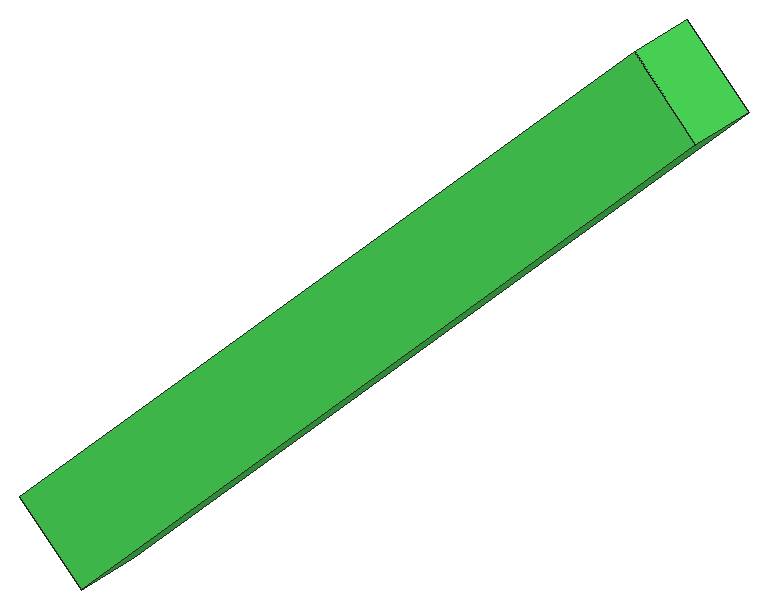
Revit family "機器サポート_不等辺山形鋼", category Generic Models, Revit 2023
Family settings
  Can host rebar = No
  Round Connector Dimension = Use Diameter
  Part Type = Normal
  Work Plane-Based = Yes
  Always vertical = No
  Cut with Voids When Loaded = No
  Maintain Annotation Orientation = No
  Shared = No
  Room Calculation Point = No
Parameters (values of type "L 100 x 75")
  高さ = 100 mm
  長辺 [instance] = 長さ  # 1000 mm
  長さ [instance] = 1000 mm
  部屋名 = ""
  角度 [instance] = 45.00°
  Default Elevation = 1219.2 mm
  構造マテリアル = E003_機器サポート
  幅 = 75 mm
Types (6, lengths in mm): name | 高さ | 幅
  L 100 x 75 | 100 | 75
  L 125 x 75 | 125 | 75
  L 125 x 90 | 125 | 90
  L 150 x 100 | 150 | 100
  L 150 x 90 | 150 | 90
  L 90 x 75 | 90 | 75
Reference planes
  plane 1 "中心(正面/背面)": y = 0
  plane 2: z = 0
  plane 3 "中心(左/右)": x = 0
Lines and regions (mm)
  reference lines
    curve 1: line (0, 0, 0) -> (848.528, 0, 848.528)
    curve 2: line (35.355, 0, -35.355) -> (-35.355, 0, 35.355)
    curve 3: line (742.462, 0, 671.751) -> (671.751, 0, 742.462)
Dimensions and locks
  equal spacing: curve 2, curve 1, curve 2
  "高さ": curve 2 to curve 2
  equal spacing: curve 3, curve 1, curve 3
  "高さ": curve 3 to curve 3
  "長さ": curve 2 to curve 3
  "角度": angle level to curve 1
  angle curve 2 to curve 1 = 90.00°
  angle curve 3 to curve 1 = 90.00°
  aligned and locked: level to plane 2
  aligned and locked: level to curve 1
  aligned and locked: plane 3 "中心(左/右)" to curve 1
  aligned and locked: curve 2 to nested 1
  aligned and locked: nested 1 to curve 1
Nested families
  nested 1: "グレーチング_不等辺山形鋼" at (-35.355, 0, 35.355) x (0, 1, 0) z (0.7071, 0, -0.7071), 長さ <- "長さ", type "L 90 x 75"
    with 長辺 1000 mm, 長さ 1000 mm, 高さ 100 mm
Definition of nested family "グレーチング_不等辺山形鋼"
  Parameters (values of type "L 125 x 75")
    高さ = 125 mm
    長辺 [instance] = 長さ  # 1000 mm
    長さ [instance] = 1000 mm
    部屋名 = ""
    Default Elevation = 1219.2 mm
    構造マテリアル = none
    幅 = 75 mm
  Types (6, lengths in mm): name | 高さ | 幅
    L 90 x 75 | 90 | 75
    L 100 x 75 | 100 | 75
    L 125 x 75 | 125 | 75
    L 125 x 90 | 125 | 90
    L 150 x 90 | 150 | 90
    L 150 x 100 | 150 | 100
  Reference planes
    plane 1 "中心(正面/背面)": y = 0
    plane 2: z = 0
    plane 3 "中心(左/右)": x = 0
    plane 4: z = 125
    plane 5: z = 62.5
  Forms (mm)
    Extrusion 1, solid, material <- "構造マテリアル"
      sketch origin (0, 0, 0) x (1, 0, 0) y (0, 1, 0)
        loop
          line (-37.5, 1000) -> (-37.5, 0) -> (37.5, 0) -> (37.5, 1000) -> (-37.5, 1000)
      from 0 to 125
  Lines and regions (mm)
    reference lines
      curve 1: line (37.5, 1000, 0) -> (-37.5, 1000, 0)
      curve 2: line (37.5, 0, 0) -> (-37.5, 0, 0)
  Dimensions and locks
    "長さ": curve 1 to curve 2
    "幅": Extrusion 1 to Extrusion 1
    equal spacing: Extrusion 1, plane 3 "中心(左/右)", Extrusion 1
    "幅": curve 1 to curve 1
    equal spacing: curve 1, plane 3 "中心(左/右)", curve 1
    "幅": curve 2 to curve 2
    equal spacing: curve 2, plane 3 "中心(左/右)", curve 2
    equal spacing: plane 4, plane 5, level
    "高さ": plane 4 to level
    aligned and locked: level to plane 2
    aligned and locked: Extrusion 1 to curve 2
    aligned and locked: curve 1 to Extrusion 1
    aligned and locked: plane 4 to Extrusion 1
  Automatic sketch dimensions
    Extrusion 1 sketch curve to plane 3 "中心(左/右)" = 37.5 mm
    plane 3 "中心(左/右)" to Extrusion 1 sketch curve = 37.5 mm
    plane 1 "中心(正面/背面)" to Extrusion 1 sketch curve = 0 mm
    Extrusion 1 sketch curve to plane 1 "中心(正面/背面)" = 1000 mm
    plane 1 "中心(正面/背面)" to curve 2 = 0 mm
